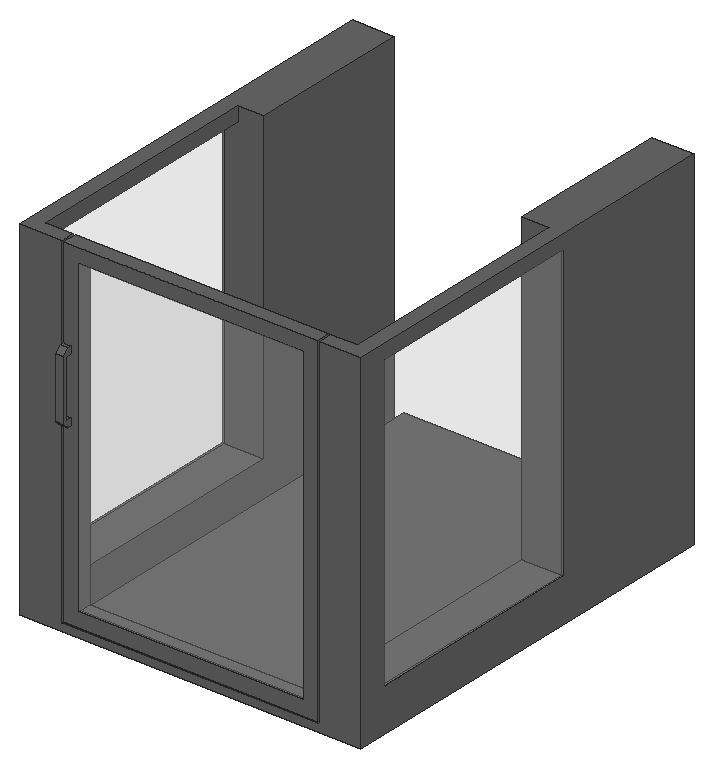
Revit family "Protege5442FX-Permanent-Upper-Landing-Gate-Door-by-Others", category Specialty Equipment, Revit 2026
Family settings
  Round Connector Dimension = Use Diameter
  Part Type = Normal
  Classification Number = 23.50.05.14.17.11
  Work Plane-Based = No
  Enable Cutting in Views = No
  Always vertical = Yes
  Cut with Voids When Loaded = No
  Maintain Annotation Orientation = No
  Shared = No
  Room Calculation Point = No
Parameters (values of type "Protege_5442FX")
  Voltage_MEP = 120 V
  URL = "http://www.wheelchairlift.com/"
  Structure = Protege 5442 Powder Coat
  Standard_Handing [instance] = yes
  Opposite_Handing [instance] = not(Standard_Handing)  # no
  Opener_std [instance] = and(Standard_Handing, Opener)  # no
  Opener_opp [instance] = and(Opposite_Handing, Opener)  # no
  Opener [instance] = no
  Model = "Protege 5442P"
  Manufacturer = "Ascension, a division of AGM"
  MEP Apparent Power = 1560 VA
  Description = "Vertical platform lift for persons with physical disabilities"
  Default Elevation = 0' - 0"
  Assembly Code = "D1010310"
  Window = Protege 5442 Acrylic window
Reference planes (in)
  plane 1 "Center (Front/Back)": y = 0
  plane 2: z = 0
  plane 3 "Center (Left/Right)": x = 0
  plane 4: x = -25.8125
  plane 5: x = 25.8125
  plane 6: y = 31.625
Forms (in)
  Extrusion 1, solid, material "Protege 5442 Powder Coat" <- "Structure"
    sketch origin (0, 0, 0) x (1, 0, 0) y (0, 1, 0)
      loop
        line (-23.8125, 29.125) -> (-23.8125, -29.125) -> (23.8125, -29.125) -> (23.8125, 29.125) -> (-23.8125, 29.125)
    from 0 to 49
  Extrusion 2, void
    sketch origin (0, 0, 49) x (0, 1, 0) y (1, 0, 0)
      loop
        line (29.125, -18.0625) -> (29.125, 18.0625) -> (-29.125, 18.0625) -> (-29.125, -18.0625) -> (29.125, -18.0625)
    from 0 to 48
  Extrusion 3, void
    sketch origin (23.8125, -29.06235, 0) x (0, -1, 0) y (0, 0, 1)
      loop
        line (-3.93589, 47) -> (-35.43589, 47) -> (-35.43589, 6) -> (-3.93589, 6) -> (-3.93589, 47)
    from 0 to 48
  Extrusion 4, void
    sketch origin (0, 0, 49) x (0, 1, 0) y (1, 0, 0)
      loop
        line (6.37354, -21.8125) -> (6.37354, 21.8125) -> (-27.125, 21.8125) -> (-27.125, -21.8125) -> (6.37354, -21.8125)
    from 0 to 43
  Extrusion 5, solid, material "Protege 5442 Powder Coat" <- "Structure"
    sketch origin (-24.17414, -29.125, 0) x (1, 0, 0) y (0, 0, 1)
      loop
        line (6.48664, 49) -> (6.48664, 1.25) -> (41.98664, 1.25) -> (41.98664, 49) -> (6.48664, 49)
      loop
        line (39.98664, 47) -> (8.48664, 47) -> (8.48664, 3.25) -> (39.98664, 3.25) -> (39.98664, 47)
    from 0 to -2
  Extrusion 6, solid, material "Protege 5442 Acrylic window" <- "Window"
    sketch origin (-36.19252, -29.125, -23.75923) x (1, 0, 0) y (0, 0, 1)
      loop
        line (20.50502, 70.75923) -> (20.50502, 27.00923) -> (52.00502, 27.00923) -> (52.00502, 70.75923) -> (20.50502, 70.75923)
    from 0 to -0.25
  Extrusion 7, solid, material "Protege 5442 Acrylic window" <- "Window"
    sketch origin (23.8125, -31.06089, 0) x (0, 1, 0) y (0, 0, 1)
      loop
        line (5.93443, 47) -> (5.93443, 6) -> (37.43443, 6) -> (37.43443, 47) -> (5.93443, 47)
    from 0 to -0.25
  Extrusion 8, solid, material "Protege 5442 Acrylic window" <- "Window"
    sketch origin (-23.8125, 31.93911, 0) x (0, -1, 0) y (0, 0, 1)
      loop
        line (25.56557, 47) -> (25.56557, 6) -> (57.06557, 6) -> (57.06557, 47) -> (25.56557, 47)
    from 0 to -0.25
  Extrusion 9, solid, material "Protege 5442 Powder Coat" <- "Structure", visible <- "Standard_Handing", detail levels medium+fine
    sketch origin (0, 0, 0) x (0, 1, 0) y (0, 0, 1)
      loop
        line (-29.125, 36.25) -> (-29.75, 36.25) -> (-30.5, 35.5) -> (-30.5, 27) -> (-29.75, 26.25) -> (-29.125, 26.25) -> (-29.125, 27.25) -> (-30.125, 27.25) -> (-30.125, 35.25) -> (-29.125, 35.25) -> (-29.125, 36.25)
    from -17.6875 to -16.6875
  Extrusion 10, solid, material "Protege 5442 Powder Coat" <- "Structure", visible <- "Opposite_Handing", detail levels medium+fine
    sketch origin (0, 0, 0) x (0, 1, 0) y (0, 0, -1)
      loop
        line (-29.125, -36.25) -> (-29.125, -35.25) -> (-30.125, -35.25) -> (-30.125, -27.25) -> (-29.125, -27.25) -> (-29.125, -26.25) -> (-29.75, -26.25) -> (-30.5, -27) -> (-30.5, -35.5) -> (-29.75, -36.25) -> (-29.125, -36.25)
    from -17.6875 to -16.6875
  Extrusion 11, solid, material "Protege 5442 Powder Coat" <- "Structure"
    sketch origin (0, 0, 0) x (0, 1, 0) y (0, 0, 1)
      loop
        line (29.125, 1) -> (29.125, 0.875) -> (30.75, 0.875) -> (30.75, 0.25) -> (30.875, 0.25) -> (30.875, 1) -> (29.125, 1)
    from -18.0625 to 18.0625
  Extrusion 12, solid, material "Protege 5442 Powder Coat" <- "Structure", visible <- "Opener_std"
    sketch origin (23.8125, -34.875, 47.75) x (0, 0, -1) y (0, 1, 0)
      loop
        line (11.5, 0) -> (21.87327, 5.75) -> (11.5, 5.75) -> (11.5, 0)
    from 0 to -5.75
  Extrusion 13, solid, material "Protege 5442 Powder Coat" <- "Structure", visible <- "Opener_opp"
    sketch origin (-23.6875, -34.875, 47.75) x (0, 0, -1) y (0, -1, 0)
      loop
        line (11.5, 0) -> (11.5, -5.75) -> (21.87327, -5.75) -> (11.5, 0)
    from 0 to -5.75
Cuts and joins
  Extrusion 2, Extrusion 3, Extrusion 4 cuts Extrusion 1
  joined: Extrusion 1, Extrusion 11
Text (in)
  text "Reference planes show minimum operating clearances.  Lift requires 2\" clearance on each side and 2 1/2\" clearance at the upper landing end." at (32.70236, 31.47379, 0), in view "Ref. Level"
  text "Where hand pump access is required, lift requires 12\" clearance on right side (as viewed standing outside lift at lower landing)." at (32.70236, -5.66538, 0), in view "Ref. Level"
  text "Lower Landing" at (-11.28975, -39.57053, 0), in view "Ref. Level"
  text "Upper Landing" at (-11.28975, 43.88273, 0), in view "Ref. Level"
Dimensions and locks (in)
  equal spacing: Extrusion 1 sketch curve, plane 3 "Center (Left/Right)", Extrusion 1 sketch curve
  equal spacing: Extrusion 1 sketch curve, plane 1 "Center (Front/Back)", Extrusion 1 sketch curve
  locked: Extrusion 1 sketch curve to Extrusion 1 sketch curve at 47.625
  Extrusion 2 sketch curve to Extrusion 1 = 0' - 5 3/4"
  Extrusion 1 to Extrusion 2 sketch curve = 0' - 5 3/4"
  Extrusion 3 sketch curve to cut or joined group of Extrusion 1, Extrusion 2, Extrusion 3, Extrusion 4, Extrusion 11 = 0' - 2"
  Extrusion 3 sketch curve to cut or joined group of Extrusion 1, Extrusion 2, Extrusion 3, Extrusion 4, Extrusion 11 = 0' - 3.99854"
  Extrusion 3 sketch curve to cut or joined group of Extrusion 1, Extrusion 2, Extrusion 3, Extrusion 4, Extrusion 11 = 0' - 6"
  Extrusion 3 sketch curve to Extrusion 3 sketch curve = 2' - 7 1/2"
  Extrusion 4 sketch curve to cut or joined group of Extrusion 1, Extrusion 2, Extrusion 3, Extrusion 4, Extrusion 11 = 0' - 2"  (x2)
  cut or joined group of Extrusion 1, Extrusion 2, Extrusion 3, Extrusion 4, Extrusion 11 to Extrusion 4 sketch curve = 0' - 2"
  Extrusion 4 sketch curve to Extrusion 4 sketch curve = 2' - 9.49854"
  locked: Extrusion 5 sketch curve to Extrusion 5 sketch curve at 35.5
  Extrusion 5 sketch curve to Extrusion 5 sketch curve = 3' - 11 3/4"
  Extrusion 5 sketch curve to Extrusion 5 sketch curve = 2' - 11 1/2"
  cut or joined group of Extrusion 1, Extrusion 2, Extrusion 3, Extrusion 4, Extrusion 11 to Extrusion 5 sketch curve = 0' - 0 1/4"
  aligned and locked: level to plane 2
Nested families (in)
  nested 1: "20190823 gate operator" at (23.8125, -29.125, 47.75), visible <- "Opener_std", type "20190823 gate operator"
  nested 2: "20190823 gate operator" at (-23.6875, -29.125, 47.75) x (-1, 0, 0) z (0, 0, 1), visible <- "Opener_opp", type "20190823 gate operator"
Connectors (in)
  electrical at (23.8125, 29.12407, 0), driven by "Voltage_MEP", driven by "MEP Apparent Power"
    settings: index 3, voltage 120 V, apparent load 0 VA, apparent load phase1 1560 VA, apparent load phase2 0 VA, apparent load phase3 0 VA, power factor 1, load classification "Other", number of poles 1, system type 31, power factor state 1, is connector primary yes, connector utility no, sub classification motor no, connector description ""
Definition of nested family "20190823 gate operator"
  Parameters (values of type "20190823 gate operator")
    Structure = none
    Default Elevation = 0' - 0"
  Reference planes (in)
    plane 1 "Center (Front/Back)": y = 0
    plane 2: z = 0
    plane 3 "Center (Left/Right)": x = 0
  Forms (in)
    Extrusion 1, solid, material <- "Structure"
      sketch origin (0, -1.93589, -47.7) x (0, 1, 0) y (0, 0, 1)
        loop
          line (1.93589, 47.7) -> (-3.81411, 47.7) -> (-3.81411, 36.2) -> (1.93589, 36.2) -> (1.93589, 47.7)
      from -5.75 to 0
    Extrusion 2, solid, material <- "Structure"
      sketch origin (0, 0, 0) x (0, -1, 0) y (1, 0, 0)
        loop
          line (4.22354, -25.87371) -> (4.22354, -3.52452)
          arc (4.22354, -3.52452) -> (3.84854, -2.125) -> (3.47354, -3.52452) r 0.75
          line (3.47354, -3.52452) -> (3.47354, -25.12371) -> (0.72354, -25.12371) -> (0.72354, -25.87371) -> (3.47354, -25.87371) -> (4.22354, -25.87371)
      from 0 to 0.75
    Extrusion 3, solid, material <- "Structure"
      sketch origin (-23.8125, 29.12646, -46.98852) x (0, 1, 0) y (0, 0, -1)
        loop
          line (-29.125, -48.23852) -> (-29.125, -47.61352) -> (-30.375, -47.61352)
          arc (-30.375, -47.61352) -> (-30.6875, -47.92602) -> (-30.375, -48.23852) r 0.3125
          line (-30.375, -48.23852) -> (-29.125, -48.23852)
      from -15.6875 to 6.3125
  Dimensions and locks (in)
    aligned and locked: level to plane 2
